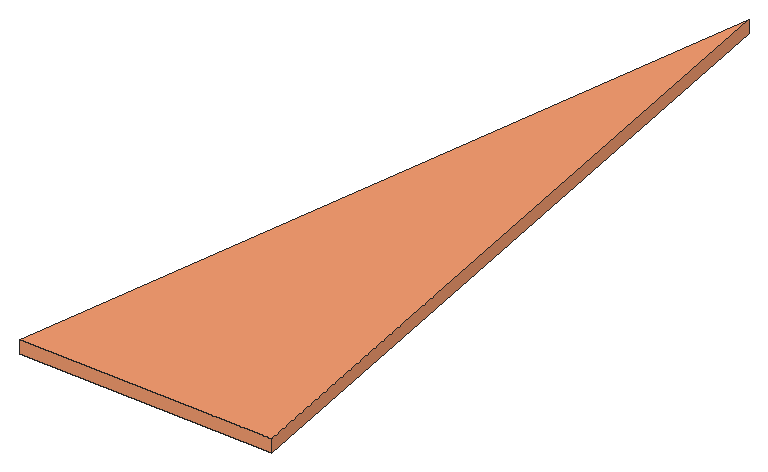
Revit family "Fall Mark", category Generic Models, Revit 2021
Family settings
  Can host rebar = No
  Round Connector Dimension = Use Diameter
  Part Type = Normal
  Work Plane-Based = No
  Always vertical = Yes
  Cut with Voids When Loaded = No
  Shared = No
  Room Calculation Point = No
Parameters
  Width [instance] = 100 mm
  Lenght Side Triangle [instance] = sqrt(Lenght ^ 2 + (Width / 2) ^ 2)  # 304.138 mm
  Lenght [instance] = 300 mm
  Lenght Base Triangle [instance] = Width  # 100 mm
  Height [instance] = 5 mm
  Default Elevation = 0 mm
Reference planes
  plane 1 "Center (Front/Back)": y = 0
  plane 2: z = 0
  plane 3 "Center (Left/Right)": x = 0
Forms (mm)
  Extrusion 1, solid, material "Mark Material"
    sketch origin (-0.368, 150, 0) x (1, 0, 0) y (0, 1, 0)
      loop
        line (-50, -150) -> (50, -150) -> (0, 150) -> (-50, -150)
    from 0 to 5
Lines and regions (mm)
  reference lines
    curve 1: line (-197.176, 300, 0) -> (160, 300, 0)
    curve 2: line (-50, 395.407, 0) -> (-50, -106.482, 0)
    curve 3: line (50, 395.407, 0) -> (50, -106.482, 0)
    curve 4: line (-354.461, 0, 5) -> (300.539, 0, 5)
Dimensions and locks
  equal spacing: curve 2, plane 3 "Center (Left/Right)", curve 3
  "Lenght": plane 1 "Center (Front/Back)" to curve 1
  "Width": curve 2 to curve 3
  "Lenght Side Triangle": Extrusion 1 sketch curve to Extrusion 1 sketch curve  (x2)
  "Lenght Base Triangle": Extrusion 1 sketch curve to Extrusion 1 sketch curve
  "Height": curve 4 to level
  aligned and locked: level to plane 2
  aligned and locked: Extrusion 1 to curve 4
Automatic sketch dimensions
  Extrusion 1 sketch curve to plane 3 "Center (Left/Right)" = 0.368 mm
  Extrusion 1 sketch curve to plane 1 "Center (Front/Back)" = 0 mm
  plane 1 "Center (Front/Back)" to curve 3 = 106.482 mm
  curve 1 to curve 2 = 147.176 mm
  curve 3 to curve 1 = 110 mm
  curve 2 to curve 3 = 0 mm  (x2)
  curve 1 to curve 3 = 95.407 mm
  curve 4 to plane 3 "Center (Left/Right)" = 354.461 mm
  plane 3 "Center (Left/Right)" to curve 4 = 300.539 mm
